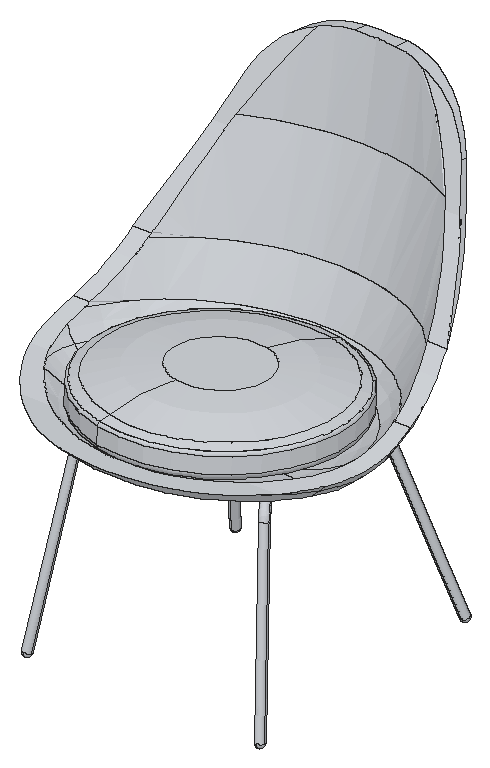
Revit family "Keilhauer_Juxta_Side_Chair", category Furniture, Revit 2020
Family settings
  OmniClass Number = 23.40.70.14.64.11
  OmniClass Title = Office Furniture
  Work Plane-Based = No
  Always vertical = Yes
  Cut with Voids When Loaded = No
  Shared = No
  Room Calculation Point = No
Parameters (values of type "Side Chair 4 Leg Base")
  URL = "http://www.keilhauer.com/"
  Product Documentation Link = "http://www.keilhauer.com/products/collections/juxta.html"
  Model = "43211"
  Manufacturer = "Keilhauer, Corp."  # constant formula
  Keilhauer Juxta Glides [instance] = none
  Keilhauer Juxta Frame [instance] = none
  Keilhauer Juxta Cushion [instance] = none
  Description = "Side chair, 4-leg base"
  Default Elevation = 0.00"
  Copyright © = "© 2017 Keilhauer, Corp."  # constant formula
  Catalog = "JUXTA"  # constant formula
  Authoring Version = "Autodesk Revit Architecture 2014"  # constant formula
  Assembly Code = "E2020200"
  4 Leg [instance] = yes
Reference planes
  plane 1 "Center (Front/Back)": y = 0
  plane 2: z = 0
  plane 3 "Center (Left/Right)": x = 0
Forms (mm)
  Sweep 1, solid, material <- "Keilhauer Juxta Cushion"
    path origin (0, 477.628, 37.096) x (0, -0.995487, 0.0949) y (1, 0, 0)
      loop
        arc (304.807, -421.995) -> (403.96, -428.392) -> (499.821, -402.261) r 301.948
        arc (499.821, -402.261) -> (757.518, -2.227) -> (503.977, 400.453) r 442.908
        arc (503.977, 400.453) -> (404.613, 428.173) -> (301.69, 421.227) r 305.371
        arc (301.69, 421.227) -> (-29.88, -1.616) -> (304.807, -421.995) r 433.365
    profile origin (-1.616, 507.373, 34.26) x (-0.003696, 0.99548, -0.0949) y (0, 0.0949, 0.995487)
      loop
        line (-298.884, 306.612) -> (-298.884, 281.212) -> (-262.919, 281.212)
        arc (-262.919, 281.212) -> (-201.11, 296.928) -> (-147.796, 331.926) r 193.049
        arc (-147.796, 331.926) -> (-128.27, 353.894) -> (-113.365, 379.226) r 151.144
        arc (-113.365, 379.226) -> (-95.332, 422.549) -> (-80.82, 467.175) r 586.588
        arc (-80.82, 467.175) -> (-58.537, 557.936) -> (-42.408, 649.99) r 1388.959
        arc (-42.408, 649.99) -> (-32.143, 748.04) -> (-28.859, 846.571) r 1388.959
        line (-28.859, 846.571) -> (-54.259, 846.516)
        arc (-54.259, 846.516) -> (-57.483, 749.786) -> (-67.56, 653.529) r 1363.559
        arc (-67.56, 653.529) -> (-83.394, 563.159) -> (-105.27, 474.057) r 1363.559
        arc (-105.27, 474.057) -> (-119.154, 431.364) -> (-136.406, 389.917) r 561.188
        arc (-136.406, 389.917) -> (-148.806, 368.842) -> (-165.05, 350.565) r 125.744
        arc (-165.05, 350.565) -> (-210.884, 320.379) -> (-264.011, 306.612) r 167.649
        line (-264.011, 306.612) -> (-298.884, 306.612)
  Extrusion 2, void
    sketch origin (0, 171.112, 45.878) x (1, 0, 0) y (0, 0.0949, 0.995487)
      loop
        line (198.675, 726.377) -> (332.469, 378.828) -> (730.275, 378.828) -> (730.275, 918.432) -> (-764.694, 918.432) -> (-764.694, 338.362) -> (-348.047, 338.362) -> (-198.675, 726.377)
        arc (-198.675, 726.377) -> (-135.268, 806.43) -> (-37.59, 836.228) r 171.45
        arc (-37.59, 836.228) -> (0, 836.11) -> (37.59, 836.228) r 5959.517
        arc (37.59, 836.228) -> (135.268, 806.43) -> (198.675, 726.377) r 171.45
    from -558.121 to 571.103
  Extrusion 3, void
    sketch origin (0, 167.775, 77.485) x (0, -0.995487, 0.0949) y (0, 0.0949, 0.995487)
      loop
        line (934.997, 344.223) -> (934.997, 880.968) -> (-293.952, 880.968)
        arc (-293.952, 880.968) -> (-231.287, 664.743) -> (-121.747, 468.067) r 997.87
        arc (-121.747, 468.067) -> (-76.92, 419.579) -> (-21.493, 383.687) r 264.869
        arc (-21.493, 383.687) -> (141.649, 329.801) -> (313.172, 319.889) r 659.405
        line (313.172, 319.889) -> (934.997, 344.223)
    from -568.244 to 585.496
  Sweep 4, solid, material <- "Keilhauer Juxta Frame", visible <- "4 Leg"
    path origin (-42.924, 283.05, 60.471) x (0.512253, 0.858626, 0.01894) y (0, -0.022053, 0.999757)
      loop
        line (-329.606, -45.266) -> (-251.434, 274.316)
        arc (-251.434, 274.316) -> (-238.611, 292.915) -> (-216.667, 298.279) r 31.75
        line (-216.667, 298.279) -> (-207.017, 297.076)
    profile origin (-191.743, 31.077, 169.466) x (-0.497583, -0.839277, 0.219146) y (0.858835, -0.512128, -0.011297)
      loop
        circle (0, 0) r 7.937
  Sweep 5, solid, material <- "Keilhauer Juxta Frame", visible <- "4 Leg"
    path origin (154.705, 364.809, 285.53) x (0.971661, 0.005213, -0.236322) y (0, -0.999757, -0.022053)
      loop
        line (-205.891, 123.85) -> (-208.431, 123.85)
        arc (-208.431, 123.85) -> (-223.934, 127.893) -> (-235.489, 138.991) r 31.75
        line (-235.489, 138.991) -> (-236.818, 141.155)
    profile origin (-74.756, 223.539, 338.249) x (-0.828091, 0.518576, 0.21294) y (-0.236379, 0.021428, -0.971425)
      loop
        circle (0, 0) r 7.938
  Sweep 6, solid, material <- "Keilhauer Juxta Frame", visible <- "4 Leg"
    path origin (96.934, 121.28, 38.522) x (0, -0.022053, 0.999757) y (-1, 0, 0)
      loop
        line (290.271, 142.392) -> (289.071, 137.456)
        arc (289.071, 137.456) -> (285.835, 119.573) -> (284.752, 101.432) r 152.4
        line (284.752, 101.432) -> (284.752, 96.934)
    profile origin (-42.99, 114.892, 328.122) x (-0.236379, 0.021428, -0.971425) y (0, -0.999757, -0.022053)
      loop
        circle (-0.001, -125.066) r 7.938
  Sweep 7, solid, material <- "Keilhauer Juxta Frame", visible <- "4 Leg"
    path origin (26.675, 157.231, 53.401) x (-0.499964, -0.865267, 0.036724) y (0, -0.042404, -0.999101)
      loop
        line (-364.436, 32.513) -> (-233.283, -288.195)
        arc (-233.283, -288.195) -> (-212.195, -306.823) -> (-184.588, -301.382) r 31.75
        arc (-184.588, -301.382) -> (-149.955, -282.898) -> (-111.221, -276.511) r 120.65
        line (-111.221, -276.511) -> (-109.335, -276.511)
    profile origin (176.094, 421.245, 170.151) x (-0.462763, -0.816936, -0.344188) y (0.866046, -0.499514, 0.0212)
      loop
        circle (0, 0) r 7.937
  Sweep 8, solid, material <- "Keilhauer Juxta Frame", visible <- "4 Leg"
    path origin (-0.035, 195.35, 328.543) x (1, 0, 0) y (0, -0.999101, 0.042404)
      loop
        line (-82.213, -69.726) -> (-80.943, -67.526)
        arc (-80.943, -67.526) -> (-75.365, -61.948) -> (-67.745, -59.906) r 15.24
        line (-67.745, -59.906) -> (-21.509, -59.906) -> (5.677, -59.906) -> (67.745, -59.906)
        arc (67.745, -59.906) -> (75.365, -61.948) -> (80.943, -67.526) r 15.24
        line (80.943, -67.526) -> (82.213, -69.726)
    profile origin (81.543, 263.914, 325.633) x (0.866046, -0.499514, 0.0212) y (0, -0.042404, -0.999101)
      loop
        circle (0, 0) r 7.937
  Sweep 9, solid, material <- "Keilhauer Juxta Frame", visible <- "4 Leg"
    path origin (-26.745, 157.231, 53.401) x (0.499964, -0.865267, 0.036724) y (0, 0.042404, 0.999101)
      loop
        line (-364.423, -32.483) -> (-233.283, 288.195)
        arc (-233.283, 288.195) -> (-212.195, 306.823) -> (-184.588, 301.382) r 31.75
        arc (-184.588, 301.382) -> (-149.955, 282.898) -> (-111.221, 276.511) r 120.65
        line (-111.221, 276.511) -> (-109.335, 276.511)
    profile origin (-176.161, 421.241, 170.167) x (-0.462763, 0.816936, 0.344188) y (-0.866046, -0.499514, 0.0212)
      loop
        circle (0, 0) r 7.937
  Extrusion 10, solid, material <- "Keilhauer Juxta Frame", visible <- "4 Leg"
    sketch origin (-148.969, 98.749, 353.554) x (0.858835, -0.512128, -0.011297) y (-0.063346, -0.084294, -0.994425)
      loop
        circle (0, 0) r 7.937
    from 0 to 144.721
  Sweep 11, solid, material <- "Keilhauer Juxta Frame", visible <- "4 Leg"
    path origin (42.924, 283.05, 60.471) x (-0.512253, 0.858626, 0.01894) y (0, 0.022053, -0.999757)
      loop
        line (-329.606, 45.266) -> (-251.434, -274.316)
        arc (-251.434, -274.316) -> (-238.611, -292.915) -> (-216.667, -298.279) r 31.75
        line (-216.667, -298.279) -> (-207.017, -297.076)
    profile origin (191.743, 31.077, 169.466) x (-0.497583, 0.839277, -0.219146) y (-0.858835, -0.512128, -0.011297)
      loop
        circle (0, 0) r 7.937
  Sweep 12, solid, material <- "Keilhauer Juxta Frame", visible <- "4 Leg"
    path origin (-154.705, 364.809, 285.53) x (-0.971661, 0.005213, -0.236322) y (0, 0.999757, 0.022053)
      loop
        line (-205.891, -123.85) -> (-208.431, -123.85)
        arc (-208.431, -123.85) -> (-223.934, -127.893) -> (-235.489, -138.991) r 31.75
        line (-235.489, -138.991) -> (-236.818, -141.155)
    profile origin (74.756, 223.539, 338.249) x (-0.828091, -0.518576, -0.21294) y (0.236379, 0.021428, -0.971425)
      loop
        circle (0, 0) r 7.938
  Sweep 13, solid, material <- "Keilhauer Juxta Frame", visible <- "4 Leg"
    path origin (-96.934, 121.28, 38.522) x (0, -0.022053, 0.999757) y (-1, 0, 0)
      loop
        line (290.271, -142.392) -> (289.071, -137.456)
        arc (289.071, -137.456) -> (285.835, -119.573) -> (284.752, -101.432) r 152.4
        line (284.752, -101.432) -> (284.752, -96.934)
    profile origin (42.99, 114.892, 328.122) x (-0.236379, -0.021428, 0.971425) y (0, -0.999757, -0.022053)
      loop
        circle (0.001, -125.066) r 7.938
  Extrusion 14, solid, material <- "Keilhauer Juxta Frame", visible <- "4 Leg"
    sketch origin (148.969, 98.749, 353.554) x (-0.858835, -0.512128, -0.011297) y (-0.063346, 0.084294, 0.994425)
      loop
        circle (0, 0) r 7.937
    from 0 to 144.721
  Sweep 15, solid, material <- "Keilhauer Juxta Cushion", detail levels fine
    path origin (-0.014, 103.529, 376.46) x (0.227696, 0.973139, -0.033983) y (-0.973732, 0.227558, -0.007946)
      loop
        circle (67.827, 15.846) r 222.25
    profile origin (-216.412, 223.715, 372.263) x (0.973732, -0.227558, 0.007946) y (0, 0.034899, 0.999391)
      loop
        arc (4.332, 75.281) -> (1.292, 72.957) -> (0.139, 69.309) r 6.35
        line (0.139, 69.309) -> (0.139, 40.396)
        arc (0.139, 40.396) -> (3.548, 32.168) -> (11.776, 28.759) r 11.637
        line (11.776, 28.759) -> (155.145, 28.759) -> (155.145, 102.077) -> (139.758, 102.077)
        arc (139.758, 102.077) -> (79.447, 96.838) -> (20.942, 81.28) r 349.8
        line (20.942, 81.28) -> (4.332, 75.281)
  Revolve 16, solid, material <- "Keilhauer Juxta Glides"
    sketch origin (208.88, 471.187, 7.533) x (-0.189246, -0.288272, 0.938661) y (-0.979732, -0.008494, -0.200135)
      loop
        line (0, -7.937) -> (0, 0) -> (-7.937, 0)
        arc (-7.937, 0) -> (-5.613, -5.613) -> (0, -7.937) r 7.937
      axis (0, 0) -> (-7.937, 0)
    angle from 0 to 360
  Revolve 17, solid, material <- "Keilhauer Juxta Glides"
    sketch origin (-208.88, 471.187, 7.533) x (0.189246, -0.288272, 0.938661) y (-0.979732, 0.008494, 0.200135)
      loop
        arc (0, 7.937) -> (-5.613, 5.613) -> (-7.937, 0) r 7.937
        line (-7.937, 0) -> (0, 0) -> (0, 7.937)
      axis (0, 0) -> (-7.937, 0)
    angle from 0 to 360
  Extrusion 18, solid, material <- "Keilhauer Juxta Cushion", detail levels fine
    sketch origin (0, 174.144, 402.771) x (-0.973732, 0.227558, -0.007946) y (0.227696, 0.973139, -0.033983)
      loop
        circle (0, 0) r 67.105
    from 0 to -73.318
  Extrusion 19, solid, material <- "Keilhauer Juxta Cushion"
    sketch origin (-0.014, 102.654, 355.329) x (-0.973732, 0.226669, -0.021608) y (0.227696, 0.969338, -0.092408)
      loop
        arc (-121.104, 58.472) -> (-12.511, -53.72) -> (134.477, -1.05) r 144.025
        arc (134.477, -1.05) -> (30.503, 130.976) -> (-121.104, 58.472) r 134.481
    from -25.4 to 0
  Revolve 20, solid, material <- "Keilhauer Juxta Glides"
    sketch origin (211.765, -6.761, 10.434) x (0, -0.982934, 0.183957) y (0.121712, -0.182589, -0.975627)
      loop
        line (-7.937, 0) -> (0, 0)
        arc (0, 0) -> (-2.325, 5.613) -> (-7.937, 7.938) r 7.937
        line (-7.937, 7.938) -> (-7.937, 0)
      axis (-7.937, 0) -> (-7.937, 7.938)
    angle from 0 to 360
  Revolve 21, solid, material <- "Keilhauer Juxta Glides"
    sketch origin (-211.765, -6.761, 10.434) x (0, -0.982934, 0.183957) y (0.121712, 0.182589, 0.975627)
      loop
        line (-7.937, 0) -> (-7.937, -7.938)
        arc (-7.937, -7.938) -> (-2.325, -5.613) -> (0, 0) r 7.937
        line (0, 0) -> (-7.937, 0)
      axis (-7.937, 0) -> (-7.937, -7.938)
    angle from 0 to 360
Cuts and joins
  Extrusion 2, Extrusion 3 cuts Sweep 1
  joined: Sweep 1, Extrusion 19
  joined: Sweep 15, Extrusion 18
  joined: Sweep 4, Extrusion 10
  joined: Sweep 11, Extrusion 14
  joined: Sweep 7, Sweep 8, Sweep 9
Lines and regions (mm)
  Masking region 1
    outline origin (0, 240.125, 131.987) x (-1, 0, 0) y (0, -1, 0)
      loop
        spline (-308.543, 139.639) -> (-306.323, 143.401) -> (-304.074, 147.154) -> (-301.795, 150.898) -> (-299.486, 154.633) -> (-297.149, 158.357) -> (-294.784, 162.07) -> (-292.391, 165.772) -> (-289.97, 169.461) -> (-287.522, 173.138) -> (-285.048, 176.801) -> (-282.547, 180.449) -> (-280.02, 184.084)
        arc (-280.02, 184.084) -> (-252.039, 218.019) -> (-219.973, 248.122) r 345.392
        line (-219.973, 248.122) -> (-245.451, 284.258)
        arc (-245.451, 284.258) -> (-244.104, 292.045) -> (-236.317, 290.698) r 5.588
        line (-236.317, 290.698) -> (-211.225, 255.109)
        arc (-211.225, 255.109) -> (-108.801, 309.605) -> (5.89, 327.11) r 345.392
        arc (5.89, 327.11) -> (114.352, 307.653) -> (211.166, 255.026) r 345.392
        line (211.166, 255.026) -> (236.317, 290.698)
        arc (236.317, 290.698) -> (244.104, 292.045) -> (245.451, 284.258) r 5.588
        line (245.451, 284.258) -> (219.912, 248.036)
        arc (219.912, 248.036) -> (251.92, 217.969) -> (279.854, 184.084) r 345.392
        spline (279.854, 184.084) -> (282.323, 180.513) -> (284.769, 176.929) -> (287.192, 173.333) -> (289.59, 169.725) -> (291.965, 166.107) -> (294.315, 162.477) -> (296.639, 158.838) -> (298.939, 155.19) -> (301.212, 151.533) -> (303.46, 147.867) -> (305.68, 144.194) -> (307.874, 140.514)
        spline (307.874, 140.514) -> (308.579, 139.315) -> (309.276, 138.112) -> (309.966, 136.905) -> (310.648, 135.694) -> (311.321, 134.479) -> (311.988, 133.26) -> (312.646, 132.038) -> (313.296, 130.811) -> (313.939, 129.581) -> (314.573, 128.348) -> (315.2, 127.111) -> (315.819, 125.87)
        spline (315.819, 125.87) -> (316.638, 119.934) -> (317.379, 113.921) -> (318.042, 107.836) -> (318.625, 101.689) -> (319.129, 95.487) -> (319.551, 89.239) -> (319.892, 82.952) -> (320.152, 76.635) -> (320.329, 70.296) -> (320.423, 63.943) -> (320.436, 57.585) -> (320.365, 51.23)
        arc (320.365, 51.23) -> (318.856, 20.398) -> (316.04, -10.342) r 727.857
        spline (316.04, -10.342) -> (313.629, -29.493) -> (310.769, -48.19) -> (307.476, -66.405) -> (303.796, -84.071) -> (299.764, -101.158) -> (295.409, -117.65) -> (290.764, -133.532) -> (285.855, -148.802) -> (280.704, -163.46) -> (275.336, -177.506) -> (269.773, -190.946) -> (264.024, -203.783)
        spline (264.024, -203.783) -> (261.004, -210.411) -> (257.954, -216.93) -> (254.874, -223.338) -> (251.764, -229.634) -> (248.625, -235.818) -> (245.457, -241.888) -> (242.262, -247.842) -> (239.039, -253.681) -> (235.789, -259.403) -> (232.512, -265.007) -> (229.21, -270.493) -> (225.882, -275.858)
        spline (225.882, -275.858) -> (223.662, -279.35) -> (221.431, -282.789) -> (219.189, -286.174) -> (216.937, -289.506) -> (214.674, -292.783) -> (212.402, -296.006) -> (210.12, -299.174) -> (207.828, -302.288) -> (205.526, -305.347) -> (203.215, -308.35) -> (200.895, -311.298) -> (198.566, -314.19)
        arc (198.566, -314.19) -> (124.302, -363.294) -> (37.59, -383.479) r 251.764
        spline (37.59, -383.479) -> (31.335, -383.927) -> (25.074, -384.293) -> (18.809, -384.578) -> (12.541, -384.781) -> (6.271, -384.903) -> (0, -384.944) -> (-6.271, -384.903) -> (-12.541, -384.781) -> (-18.809, -384.578) -> (-25.074, -384.293) -> (-31.335, -383.927) -> (-37.59, -383.479)
        arc (-37.59, -383.479) -> (-124.302, -363.294) -> (-198.566, -314.19) r 251.764
        spline (-198.566, -314.19) -> (-200.576, -311.699) -> (-202.579, -309.165) -> (-204.575, -306.591) -> (-206.565, -303.975) -> (-208.547, -301.318) -> (-210.522, -298.621) -> (-212.49, -295.882) -> (-214.451, -293.103) -> (-216.404, -290.284) -> (-218.349, -287.424) -> (-220.287, -284.525) -> (-222.217, -281.585)
        spline (-222.217, -281.585) -> (-225.876, -275.868) -> (-229.506, -270.008) -> (-233.105, -264.006) -> (-236.673, -257.862) -> (-240.21, -251.578) -> (-243.715, -245.156) -> (-247.186, -238.596) -> (-250.624, -231.9) -> (-254.027, -225.07) -> (-257.395, -218.106) -> (-260.728, -211.009) -> (-264.024, -203.783)
        spline (-264.024, -203.783) -> (-269.773, -190.946) -> (-275.336, -177.506) -> (-280.704, -163.46) -> (-285.855, -148.802) -> (-290.764, -133.532) -> (-295.409, -117.65) -> (-299.764, -101.158) -> (-303.796, -84.071) -> (-307.476, -66.405) -> (-310.769, -48.19) -> (-313.629, -29.493) -> (-316.04, -10.342)
        arc (-316.04, -10.342) -> (-320.443, 54.24) -> (-319.09, 118.958) r 727.857
        spline (-319.09, 118.958) -> (-318.287, 120.713) -> (-317.468, 122.462) -> (-316.634, 124.205) -> (-315.784, 125.941) -> (-314.918, 127.67) -> (-314.037, 129.392) -> (-313.14, 131.107) -> (-312.228, 132.815) -> (-311.301, 134.516) -> (-310.359, 136.209) -> (-309.402, 137.894) -> (-308.429, 139.572)
  symbolic lines, style "Keilhauer 2D", detail levels medium+fine
    curve 1: circle (0, 176.402, 0) r 222.25 normal (0, 0, 1)
    curve 2: line (-219.912, -7.911, 0) -> (-211.166, -14.902, 0)
    curve 3: line (211.225, -14.985, 0) -> (219.973, -7.998, 0)
Dimensions and locks
  aligned and locked: nested 1 to plane 3 "Center (Left/Right)"
  aligned: Sweep 6 sketch curve to Sweep 5
  aligned: Sweep 8 sketch curve to Sweep 7
Nested families
  nested 1: "Furniture_Tag_Integra" at (0, -133.35, 0), type "Center", detail levels fine
    with Offset (LR) 0.00"
Definition of nested family "Furniture_Tag_Integra"
  Parameters
    P_Width = 0.00"
    Text_Width = "Empty"
    Text_Height = "Empty"
    Text_Diameter = "Empty"
    Text_Depth = "Empty"
    Offset (LR) [instance] = 0.00"
    Model Name = "Empty"
    P_Height = 0.00"
    Distance of Center (not Change) = 0.00"
    P_Diameter = 0.00"
    P_Depth = 0.00"
  Reference planes
    plane 1: y = 0
    plane 2: x = 0
  Lines and regions (mm)
    reference lines
      curve 1: line (-11.267, 0, 0) -> (10.436, 0, 0)
      curve 3: line (0, 8.271, 0) -> (0, -10.216, 0)
    reference lines, not visible
      curve 2: line (-11.267, 2.5, 0) -> (10.436, 2.5, 0)
      curve 4: line (0, 10.771, 0) -> (0, -7.716, 0)
  Text (mm)
    label "Empty" at (0.05, -0.201, 0), shows "Model Name"
    label "Empty" at (0.05, 2.299, 0), shows "Model Name", not visible
  Dimensions and locks
    "Distance of Center (not Change)": plane 1 to curve 1
    "Offset (LR)": curve 3 to plane 2
  Automatic sketch dimensions
    curve 1 to curve 3 = 0.44359"
    curve 3 to curve 1 = 0.41085"
    curve 3 to curve 1 = 0.40221"
    curve 1 to curve 3 = 0.32564"
    curve 2 to curve 4 = 0.44359"
    curve 4 to curve 2 = 0.41085"
    curve 4 to curve 2 = 0.40221"
    curve 2 to curve 4 = 0.32564"
